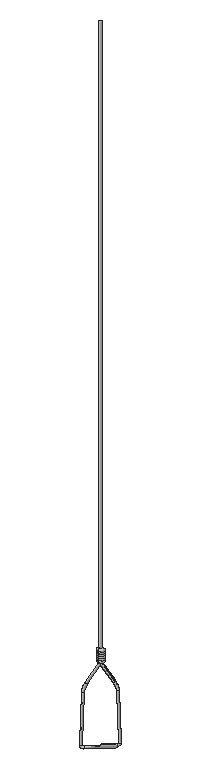
Revit family "Wire-HunterDouglas-Hook-On", category Specialty Equipment, Revit 2013
Parameters (values of type "Parametric")
  ecoScorecard_data = "http://products.ecoscorecard.com/hunterdouglascontract/PTHO"
  ecoScorecard Product Page = "http://hunterdouglascontract.ecoscorecard.com/product/PTHO?base_search=product_category_A1035"
  Wire = Metal - Aluminum Frame - HunterDouglas - Painted White
  URL = "http://www.hunterdouglascontract.com/ceilings/index.jsp"
  Subcategory = "Metal - Plank and Tile"  # constant formula
  Product Line = "Hook-On"  # constant formula
  Perforations = "http://www.hunterdouglascontract.com/ceilings/metalsystems/plank/hookon/index.jsp?t=perfPage"
  Model = "Hook-On Wire"  # constant formula
  Manufacturer = "Hunter Douglas Luxalon Metal Ceilings"  # constant formula
  Hanger Wire Length = 2' - 0"
  Description = "Wire"  # constant formula
  Color Finishes = "http://www.hunterdouglascontract.com/ceilings/metalsystems/plank/hookon/index.jsp?t=colorPage"
  Assembly Code = "C3030200"
  95 CSI = "09510"  # constant formula
  04 CSI = "09 51 00"  # constant formula
Reference planes
  plane 1 "Center (Front/Back)": y = 0
  plane 2: z = 0
  plane 3 "Center (Left/Right)": x = 0
  plane 4: x = -19.621
  plane 5: x = 19.621
  plane 6: z = 63.5
  plane 7: z = 65.088
  plane 8: z = 609.6
Dimensions and locks
  equal spacing: plane 4, plane 3 "Center (Left/Right)", plane 5
  plane 4 to plane 5 = 0' - 1.54495"
  locked: plane 6 to plane 7 at 1.588
  plane 6 to level = 0' - 2 1/2"
  "Hanger Wire Length": plane 8 to level
  aligned and locked: level to plane 2
  aligned and locked: plane 3 "Center (Left/Right)" to nested 1
  aligned and locked: plane 1 "Center (Front/Back)" to nested 1
  aligned and locked: plane 6 to nested 1
Nested families
  nested 1: "Wire" at (0, 0, 0), type "Wire"
Definition of nested family "Wire"
  Parameters (values of type "Wire")
    URL = "http://www.hunterdouglascontract.com/ceilings/index.jsp"
    Subcategory = "Metal - Plank and Tile"  # constant formula
    Product Line = "Hook-On"  # constant formula
    Model = "Hook-On Wire"  # constant formula
    Material = Metal - Aluminum Frame - HunterDouglas - Painted White
    Manufacturer = "Hunter Douglas Luxalon Metal Ceilings"  # constant formula
    HangerWire Length = 2' - 0"
    Description = "Wire"  # constant formula
    Assembly Code = "C3030200"
    95 CSI = "09510"  # constant formula
    04 CSI = "09 51 00"  # constant formula
  Reference planes
    plane 1 "Center (Front/Back)": y = 0
    plane 2: z = 0
    plane 3 "Center (Left/Right)": x = 0
    plane 4: x = -19.621
    plane 5: x = 19.621
    plane 6: z = 63.5
    plane 7: z = 65.088
    plane 8: z = 609.6
  Forms (mm)
    Sweep 1, solid, material "Metal - Aluminum Frame - HunterDouglas - Painted White" <- "Material", detail levels fine
      path origin (0, 0, 0) x (0.707107, 0.707107, 0) y (0, 0, 1)
        loop
          line (0.794, 609.6) -> (0.794, 127.519) -> (9.712, 113.128)
          arc (9.712, 113.128) -> (11.287, 109.95) -> (12.234, 106.532) r 18.739
          line (12.234, 106.532) -> (13.655, 66.776)
          arc (13.655, 66.776) -> (13.046, 64.497) -> (10.909, 63.5) r 2.789
          line (10.909, 63.5) -> (-10.916, 63.5)
          arc (-10.916, 63.5) -> (-13.049, 64.495) -> (-13.656, 66.769) r 2.783
          line (-13.656, 66.769) -> (-12.254, 106.417)
          arc (-12.254, 106.417) -> (-11.276, 109.946) -> (-9.651, 113.227) r 19.345
          line (-9.651, 113.227) -> (-0.975, 127.226)
      profile origin (-0.002, -0.002, 63.5) x (0, 0, -1) y (0.707107, -0.707107, 0)
        loop
          circle (-0.794, 0) r 0.794
    Revolve 2, solid, material "Metal - Aluminum Frame - HunterDouglas - Painted White" <- "Material", detail levels fine
      sketch origin (0.179, -28.076, 36.168) x (0, 0.947216, -0.320596) y (0, 0.320596, 0.947216)
        loop
          line (-5.57, 105.383) -> (-7.367, 105.383)
          arc (-7.367, 105.383) -> (-8.16, 104.589) -> (-7.367, 103.796) r 0.794
          line (-7.367, 103.796) -> (-5.57, 103.796) -> (-5.57, 105.383)
        axis (-5.57, 103.796) -> (-5.57, 105.383)
      angle from 0 to 360
    Revolve 3, solid, material "Metal - Aluminum Frame - HunterDouglas - Painted White" <- "Material", detail levels fine
      sketch origin (0.179, -28.076, 32.816) x (0, 0.947216, -0.320596) y (0, 0.320596, 0.947216)
        loop
          line (-5.57, 105.383) -> (-7.367, 105.383)
          arc (-7.367, 105.383) -> (-8.16, 104.589) -> (-7.367, 103.796) r 0.794
          line (-7.367, 103.796) -> (-5.57, 103.796) -> (-5.57, 105.383)
        axis (-5.57, 103.796) -> (-5.57, 105.383)
      angle from 0 to 360
    Revolve 4, solid, material "Metal - Aluminum Frame - HunterDouglas - Painted White" <- "Material", detail levels fine
      sketch origin (0.179, -28.076, 34.523) x (0, 0.947216, -0.320596) y (0, 0.320596, 0.947216)
        loop
          line (-5.57, 105.383) -> (-7.367, 105.383)
          arc (-7.367, 105.383) -> (-8.16, 104.589) -> (-7.367, 103.796) r 0.794
          line (-7.367, 103.796) -> (-5.57, 103.796) -> (-5.57, 105.383)
        axis (-5.57, 103.796) -> (-5.57, 105.383)
      angle from 0 to 360
    Revolve 5, solid, material "Metal - Aluminum Frame - HunterDouglas - Painted White" <- "Material", detail levels fine
      sketch origin (0.179, -28.076, 31.151) x (0, 0.947216, -0.320596) y (0, 0.320596, 0.947216)
        loop
          line (-5.57, 105.383) -> (-7.367, 105.383)
          arc (-7.367, 105.383) -> (-8.16, 104.589) -> (-7.367, 103.796) r 0.794
          line (-7.367, 103.796) -> (-5.57, 103.796) -> (-5.57, 105.383)
        axis (-5.57, 103.796) -> (-5.57, 105.383)
      angle from 0 to 360
    Revolve 6, solid, material "Metal - Aluminum Frame - HunterDouglas - Painted White" <- "Material", detail levels fine
      sketch origin (0.179, -28.076, 29.486) x (0, 0.947216, -0.320596) y (0, 0.320596, 0.947216)
        loop
          line (-5.57, 105.383) -> (-7.367, 105.383)
          arc (-7.367, 105.383) -> (-8.16, 104.589) -> (-7.367, 103.796) r 0.794
          line (-7.367, 103.796) -> (-5.57, 103.796) -> (-5.57, 105.383)
        axis (-5.57, 103.796) -> (-5.57, 105.383)
      angle from 0 to 360
    Revolve 7, solid, material "Metal - Aluminum Frame - HunterDouglas - Painted White" <- "Material", detail levels fine
      sketch origin (0.179, -28.076, 27.722) x (0, 0.947216, -0.320596) y (0, 0.320596, 0.947216)
        loop
          line (-5.57, 105.383) -> (-7.367, 105.383)
          arc (-7.367, 105.383) -> (-8.16, 104.589) -> (-7.367, 103.796) r 0.794
          line (-7.367, 103.796) -> (-5.57, 103.796) -> (-5.57, 105.383)
        axis (-5.57, 103.796) -> (-5.57, 105.383)
      angle from 0 to 360
  Lines and regions (mm)
    model lines, style "Wire", detail levels coarse+medium
      curve 1: line (0, 0, 604.044) -> (0, 0, 65.088)
    symbolic lines, style "Wire", detail levels fine
      curve 2: line (-9.704, -8.581, 0) -> (-2.104, -0.981, 0)
      curve 3: line (9.704, 8.581, 0) -> (2.455, 1.332, 0)
      curve 4: arc (8.581, 9.704, 0) -> (9.704, 9.704, 0) -> (9.704, 8.581, 0) r 0.794
      curve 5: arc (-9.704, -8.581, 0) -> (-9.704, -9.704, 0) -> (-8.581, -9.704, 0) r 0.794
      curve 6: circle (0.175, 0.175, 0) r 2.556 normal (0, 0, 1)
      curve 7: circle (0, 0, 0) r 0.794 normal (0, 0, 1)
      curve 8: line (1.332, 2.454, 0) -> (8.581, 9.704, 0)
      curve 9: line (-0.981, -2.104, 0) -> (-8.581, -9.704, 0)
      curve 14: line (-0.793, 0, 609.6) -> (0.793, 0, 609.6)
      curve 15: line (0.793, 0, 609.6) -> (0.793, 0, 138.405)
      curve 16: line (-10.107, 0, 66.887) -> (-8.613, 0, 106.23)
      curve 17: arc (-10.107, 0, 66.887) -> (-9.618, 0, 64.679) -> (-7.69, 0, 63.5) r 2.889
      curve 18: line (-8.546, 0, 66.596) -> (-7.026, 0, 106.178)
      curve 19: arc (-8.546, 0, 66.596) -> (-8.326, 0, 65.602) -> (-7.457, 0, 65.07) r 1.301
      curve 20: line (0.793, 0, 609.6) -> (-0.793, 0, 609.6)
      curve 21: line (-0.793, 0, 609.6) -> (-0.793, 0, 138.344)
      curve 22: line (-7.457, 0, 65.07) -> (0, 0, 65.07)
      curve 23: line (0, 0, 63.5) -> (-7.69, 0, 63.5)
      curve 24: line (10.107, 0, 66.887) -> (8.613, 0, 106.23)
      curve 25: arc (10.107, 0, 66.887) -> (9.618, 0, 64.679) -> (7.69, 0, 63.5) r 2.889
      curve 26: line (8.546, 0, 66.596) -> (7.026, 0, 106.178)
      curve 27: arc (8.546, 0, 66.596) -> (8.326, 0, 65.602) -> (7.457, 0, 65.07) r 1.301
      curve 28: line (7.457, 0, 65.07) -> (0, 0, 65.07)
      curve 29: line (0, 0, 63.5) -> (7.69, 0, 63.5)
      curve 30: line (0, 0.793, 95.274) -> (0, 6.87, 81.865)
      curve 31: line (0, 10.107, 66.887) -> (0, 8.581, 75.081)
      curve 32: arc (0, 8.581, 75.081) -> (0, 8.029, 78.55) -> (0, 6.87, 81.865) r 19.701
      curve 33: arc (0, 10.107, 66.887) -> (0, 9.618, 64.679) -> (0, 7.69, 63.5) r 2.889
      curve 34: line (0, -0.225, 93.674) -> (0, 5.424, 81.209)
      curve 35: arc (0, 7.003, 74.883) -> (0, 6.501, 78.118) -> (0, 5.424, 81.209) r 18.113
      curve 36: line (0, 8.546, 66.596) -> (0, 7.003, 74.883)
      curve 37: arc (0, 8.546, 66.596) -> (0, 8.326, 65.602) -> (0, 7.457, 65.07) r 1.301
      curve 38: line (0, 7.457, 65.07) -> (0, 0, 65.07)
      curve 39: line (0, 0, 63.5) -> (0, 7.69, 63.5)
      curve 40: line (0, -0.793, 95.274) -> (0, -6.87, 81.865)
      curve 41: line (0, -10.107, 66.887) -> (0, -8.581, 75.081)
      curve 42: arc (0, -8.581, 75.081) -> (0, -8.029, 78.55) -> (0, -6.87, 81.865) r 19.701
      curve 43: arc (0, -10.107, 66.887) -> (0, -9.618, 64.679) -> (0, -7.69, 63.5) r 2.889
      curve 44: line (0, 0.225, 93.674) -> (0, -5.424, 81.209)
      curve 45: arc (0, -7.003, 74.883) -> (0, -6.501, 78.118) -> (0, -5.424, 81.209) r 18.113
      curve 46: line (0, -8.546, 66.596) -> (0, -7.003, 74.883)
      curve 47: arc (0, -8.546, 66.596) -> (0, -8.326, 65.602) -> (0, -7.457, 65.07) r 1.301
      curve 48: line (0, -7.457, 65.07) -> (0, 0, 65.07)
      curve 49: line (0, 0, 63.5) -> (0, -7.69, 63.5)
      curve 50: line (0, -0.793, 96.393) -> (0, -0.793, 95.274)
      curve 51: line (0, -1.19, 106.616) -> (0, 2.232, 105.438)
      curve 52: line (0, -1.914, 105.183) -> (0, 1.714, 103.934)
      curve 53: arc (0, 2.232, 105.438) -> (0, 2.725, 104.427) -> (0, 1.714, 103.934) r 0.795
      curve 54: arc (0, -1.19, 106.616) -> (0, -2.176, 106.216) -> (0, -1.914, 105.183) r 0.81
      curve 55: arc (0, 2.232, 103.756) -> (0, 2.739, 102.79) -> (0, 1.806, 102.226) r 0.795
      curve 56: arc (0, -1.19, 104.934) -> (0, -2.172, 104.543) -> (0, -1.931, 103.513) r 0.81
      curve 57: line (0, -1.931, 103.513) -> (0, 1.806, 102.226)
      curve 58: arc (0, 2.232, 102.074) -> (0, 2.739, 101.108) -> (0, 1.806, 100.544) r 0.795
      curve 59: arc (0, -1.19, 103.252) -> (0, -2.172, 102.861) -> (0, -1.931, 101.831) r 0.81
      curve 60: line (0, -1.931, 101.831) -> (0, 1.806, 100.544)
      curve 61: arc (0, 2.232, 100.392) -> (0, 2.739, 99.426) -> (0, 1.806, 98.862) r 0.795
      curve 62: arc (0, -1.19, 101.57) -> (0, -2.172, 101.179) -> (0, -1.931, 100.149) r 0.81
      curve 63: line (0, -1.931, 100.149) -> (0, 1.806, 98.862)
      curve 64: arc (0, 2.232, 98.71) -> (0, 2.739, 97.744) -> (0, 1.806, 97.181) r 0.795
      curve 65: arc (0, -1.19, 99.888) -> (0, -2.172, 99.497) -> (0, -1.931, 98.467) r 0.81
      curve 66: line (0, -1.931, 98.467) -> (0, 1.806, 97.181)
      curve 67: arc (0, 2.232, 97.028) -> (0, 2.739, 96.062) -> (0, 1.806, 95.499) r 0.795
      curve 68: arc (0, -1.19, 98.206) -> (0, -2.172, 97.815) -> (0, -1.931, 96.785) r 0.81
      curve 69: line (0, -1.931, 96.785) -> (0, 1.806, 95.499)
      curve 70: line (0, -0.793, 96.393) -> (0, -0.793, 95.274)
      curve 71: spline (0, 0.793, 95.317) -> (0, 0.748, 95.33) -> (0, 0.659, 95.356) -> (0, 0.531, 95.392) -> (0, 0.372, 95.438) -> (0, 0.192, 95.489) -> (0, 0, 95.544) -> (0, -0.192, 95.598) -> (0, -0.372, 95.65) -> (0, -0.531, 95.695) -> (0, -0.659, 95.731) -> (0, -0.748, 95.756) -> (0, -0.793, 95.769)
      curve 72: line (0, 0.793, 95.847) -> (0, 0.793, 95.274)
      curve 73: line (-0.762, 0, 127.093) -> (-6.87, 0, 113.615)
      curve 74: arc (-8.613, 0, 106.23) -> (-8.1, 0, 110.007) -> (-6.87, 0, 113.615) r 19.701
      curve 75: line (0.225, 0, 125.424) -> (-0.762, 0, 127.093)
      curve 76: spline (-0.798, 0, 127.066) -> (-0.771, 0, 127.074) -> (-0.692, 0, 127.097) -> (-0.566, 0, 127.133) -> (-0.401, 0, 127.18) -> (-0.209, 0, 127.235) -> (-0.003, 0, 127.294) -> (0.203, 0, 127.352) -> (0.395, 0, 127.407) -> (0.56, 0, 127.454) -> (0.686, 0, 127.49) -> (0.766, 0, 127.512) -> (0.793, 0, 127.519)
      curve 77: line (0.225, 0, 125.424) -> (-5.424, 0, 112.959)
      curve 78: arc (-7.026, 0, 106.178) -> (-6.554, 0, 109.646) -> (-5.424, 0, 112.959) r 18.113
      curve 79: line (-0.793, 0, 128.142) -> (-0.793, 0, 127.024)
      curve 80: line (0.793, 0, 127.024) -> (6.87, 0, 113.615)
      curve 81: arc (8.613, 0, 106.23) -> (8.1, 0, 110.007) -> (6.87, 0, 113.615) r 19.701
      curve 82: spline (0.798, 0, 127.066) -> (0.771, 0, 127.074) -> (0.692, 0, 127.097) -> (0.566, 0, 127.133) -> (0.401, 0, 127.18) -> (0.209, 0, 127.235) -> (0.003, 0, 127.294) -> (-0.203, 0, 127.352) -> (-0.395, 0, 127.407) -> (-0.56, 0, 127.454) -> (-0.686, 0, 127.49) -> (-0.766, 0, 127.512) -> (-0.793, 0, 127.519)
      curve 83: arc (7.026, 0, 106.178) -> (6.554, 0, 109.646) -> (5.424, 0, 112.959) r 18.113
      curve 84: line (0.793, 0, 128.142) -> (0.793, 0, 127.024)
      curve 111: line (-0.225, 0, 125.424) -> (5.424, 0, 112.959)
    symbolic lines, style "Wire"
      curve 10: line (0, 0.794, 609.6) -> (0, -0.794, 609.6)
      curve 11: line (0, -0.794, 609.6) -> (0, -0.794, 104.499)
      curve 12: arc (0, 0.794, 104.499) -> (0, 0, 104.258) -> (0, -0.794, 104.499) r 1.428
      curve 13: line (0, 0.794, 104.499) -> (0, 0.794, 609.6)
      curve 85: arc (-1.981, 0, 129.446) -> (-2.408, 0, 130.328) -> (-1.895, 0, 131.162) r 1.019
      curve 86: arc (-1.895, 0, 131.162) -> (-0.896, 0, 131.562) -> (0.174, 0, 131.678) r 3.954
      curve 87: arc (2.33, 0, 129.446) -> (2.757, 0, 130.328) -> (2.243, 0, 131.162) r 1.019
      curve 88: arc (2.243, 0, 131.162) -> (1.244, 0, 131.562) -> (0.174, 0, 131.678) r 3.954
      curve 89: arc (-1.901, 0, 131.158) -> (-2.41, 0, 132.044) -> (-1.895, 0, 132.926) r 1.019
      curve 90: arc (-1.895, 0, 132.926) -> (-0.896, 0, 133.326) -> (0.174, 0, 133.442) r 3.954
      curve 91: arc (2.249, 0, 131.158) -> (2.758, 0, 132.044) -> (2.243, 0, 132.926) r 1.019
      curve 92: arc (2.243, 0, 132.926) -> (1.244, 0, 133.326) -> (0.174, 0, 133.442) r 3.954
      curve 93: arc (-1.978, 0, 132.873) -> (-2.408, 0, 133.755) -> (-1.895, 0, 134.591) r 1.019
      curve 94: arc (-1.895, 0, 134.591) -> (-0.896, 0, 134.991) -> (0.174, 0, 135.107) r 3.954
      curve 95: arc (2.327, 0, 132.873) -> (2.757, 0, 133.755) -> (2.243, 0, 134.591) r 1.019
      curve 96: arc (2.243, 0, 134.591) -> (1.244, 0, 134.991) -> (0.174, 0, 135.107) r 3.954
      curve 97: arc (-1.978, 0, 134.538) -> (-2.408, 0, 135.42) -> (-1.895, 0, 136.256) r 1.019
      curve 98: arc (-1.895, 0, 136.256) -> (-0.896, 0, 136.656) -> (0.174, 0, 136.771) r 3.954
      curve 99: arc (2.327, 0, 134.538) -> (2.757, 0, 135.42) -> (2.243, 0, 136.256) r 1.019
      curve 100: arc (2.243, 0, 136.256) -> (1.244, 0, 136.656) -> (0.174, 0, 136.771) r 3.954
      curve 101: arc (-1.978, 0, 136.202) -> (-2.408, 0, 137.084) -> (-1.895, 0, 137.92) r 1.019
      curve 102: arc (-1.895, 0, 137.92) -> (-0.896, 0, 138.32) -> (0.174, 0, 138.436) r 3.954
      curve 103: arc (2.327, 0, 136.202) -> (2.757, 0, 137.084) -> (2.243, 0, 137.92) r 1.019
      curve 104: arc (2.243, 0, 137.92) -> (1.244, 0, 138.32) -> (0.174, 0, 138.436) r 3.954
      curve 105: arc (-1.978, 0, 127.779) -> (-2.408, 0, 128.661) -> (-1.895, 0, 129.497) r 1.019
      curve 106: arc (-1.981, 0, 129.446) -> (-0.944, 0, 129.885) -> (0.174, 0, 130.013) r 3.954
      curve 107: arc (2.327, 0, 127.779) -> (2.757, 0, 128.661) -> (2.243, 0, 129.497) r 1.019
      curve 108: arc (2.33, 0, 129.446) -> (1.293, 0, 129.885) -> (0.174, 0, 130.013) r 3.954
      curve 109: arc (-1.978, 0, 127.779) -> (-1.332, 0, 127.44) -> (-0.62, 0, 127.285) r 2.723
      curve 110: arc (2.327, 0, 127.779) -> (1.681, 0, 127.44) -> (0.968, 0, 127.285) r 2.723
  Dimensions and locks
    equal spacing: plane 4, plane 3 "Center (Left/Right)", plane 5
    plane 4 to plane 5 = 0' - 1.54495"
    locked: plane 6 to plane 7 at 1.588
    plane 6 to level = 0' - 2 1/2"
    "HangerWire Length": plane 8 to level
    aligned and locked: level to plane 2
    aligned and locked: Sweep 1 sketch curve to plane 6
    aligned and locked: curve 1 to plane 3 "Center (Left/Right)"
    aligned and locked: plane 7 to curve 1
    aligned and locked: plane 8 to curve 20
    aligned and locked: plane 8 to Sweep 1 sketch curve
    aligned and locked: curve 10 to plane 8
  Automatic sketch dimensions
    curve 12 to plane 1 "Center (Front/Back)" = 0' - 0"
    plane 1 "Center (Front/Back)" to curve 12 = 0' - 0 1/32"
    curve 12 to plane 1 "Center (Front/Back)" = 0' - 0 1/32"
    plane 7 to curve 12 = 0' - 1.59837"
    curve 12 to curve 12 = 0' - 0.04672"
    plane 1 "Center (Front/Back)" to curve 7 = 0' - 0"
    curve 7 to plane 3 "Center (Left/Right)" = 0' - 0"
    curve 9 to plane 3 "Center (Left/Right)" = 0' - 0.03862"
    plane 1 "Center (Front/Back)" to curve 2 = 0' - 0.03863"
    curve 2 to curve 9 = 0' - 0.0442"
    curve 5 to plane 3 "Center (Left/Right)" = 0' - 0.33784"
    curve 5 to curve 9 = 0' - 0.0221"
    curve 5 to curve 5 = 0' - 0.0221"
    plane 3 "Center (Left/Right)" to curve 6 = 0' - 0.00691"
    plane 3 "Center (Left/Right)" to curve 8 = 0' - 0.05244"
    curve 8 to curve 3 = 0' - 0.0442"
    plane 3 "Center (Left/Right)" to curve 4 = 0' - 0.33784"
    curve 4 to curve 4 = 0' - 0.0221"
    curve 4 to curve 3 = 0' - 0.0221"
    curve 9 to curve 2 = 0' - 0.0442"
    plane 1 "Center (Front/Back)" to curve 2 = 0' - 0.33784"
    curve 5 to curve 2 = 0' - 0.0221"
    curve 4 to plane 1 "Center (Front/Back)" = 0' - 0.33784"
    curve 3 to curve 4 = 0' - 0.0221"
    plane 7 to Sweep 1 sketch curve = 0' - 0.06622"
    plane 7 to Sweep 1 sketch curve = 0' - 1.62715"
    Sweep 1 sketch curve to Sweep 1 sketch curve = 0' - 0.05519"
    Sweep 1 sketch curve to Sweep 1 sketch curve = 0' - 0.10788"
    Sweep 1 sketch curve to Sweep 1 sketch curve = 0' - 0.10251"
    Sweep 1 sketch curve to Sweep 1 sketch curve = 0' - 0.2377"
    plane 7 to Sweep 1 sketch curve = 0' - 2.44638"
    Sweep 1 sketch curve to Sweep 1 sketch curve = 0' - 0.34154"
    plane 7 to Sweep 1 sketch curve = 0' - 2.45793"
    Sweep 1 sketch curve to Sweep 1 sketch curve = 0' - 0.06965"
    Sweep 1 sketch curve to Sweep 1 sketch curve = 0' - 0.51221"
    plane 7 to Sweep 1 sketch curve = 0' - 1.89135"
    Sweep 1 sketch curve to Sweep 1 sketch curve = 0' - 0.1149"
    Sweep 1 sketch curve to Sweep 1 sketch curve = 0' - 0.85925"
    plane 7 to Sweep 1 sketch curve = 0' - 1.63166"
    Sweep 1 sketch curve to Sweep 1 sketch curve = 0' - 0.21421"
    plane 7 to Sweep 1 sketch curve = 0' - 0.06649"
    Sweep 1 sketch curve to Sweep 1 sketch curve = 0' - 0.10811"
    Sweep 1 sketch curve to Sweep 1 sketch curve = 0' - 0.13761"
    Sweep 1 sketch curve to profile plane = 0' - 0"
    profile plane to Sweep 1 sketch curve = 0' - 0 1/32"
    curve 1 to plane 8 = 0' - 0 7/32"
    curve 32 to curve 35 = 0' - 0"  (x2)
    curve 33 to curve 37 = 0' - 0"  (x2)
    curve 42 to curve 45 = 0' - 0"  (x2)
    curve 43 to curve 47 = 0' - 0"  (x2)
    plane 6 to curve 33 = 0' - 0"
    curve 48 to plane 1 "Center (Front/Back)" = 0' - 0"
    curve 39 to plane 1 "Center (Front/Back)" = 0' - 0"
    curve 44 to plane 1 "Center (Front/Back)" = 0' - 0.00884"
    curve 72 to plane 1 "Center (Front/Back)" = 0' - 0.03122"
    curve 71 to curve 30 = 0' - 0"
    curve 71 to curve 71 = 0' - 0.00021"
    curve 52 to plane 1 "Center (Front/Back)" = 0' - 0.06749"
    curve 60 to plane 1 "Center (Front/Back)" = 0' - 0.0711"
    curve 55 to curve 58 = 0' - 0"
    curve 66 to curve 72 = 0' - 0.03988"
    curve 69 to curve 71 = 0' - 0.03967"
    curve 63 to curve 64 = 0' - 0"
    curve 61 to curve 61 = 0' - 0.00658"
    curve 55 to curve 57 = 0' - 0.00658"
    curve 64 to curve 64 = 0' - 0.00658"
    curve 67 to curve 69 = 0' - 0.00658"
    curve 58 to curve 58 = 0' - 0.00658"
    curve 53 to curve 52 = 0' - 0.01019"
    curve 67 to curve 64 = 0' - 0.01678"
    curve 64 to curve 63 = 0' - 0.01678"
    curve 51 to curve 53 = 0' - 0.01019"
    curve 58 to curve 57 = 0' - 0.01678"
    curve 55 to curve 52 = 0' - 0.02038"
    curve 61 to curve 58 = 0' - 0.01678"
    curve 35 to plane 1 "Center (Front/Back)" = 0' - 0.21356"
    curve 32 to curve 35 = 0' - 0.05693"
    curve 35 to curve 34 = 0' - 0.06215"
    plane 7 to curve 33 = 0' - 0.05001"
    curve 33 to plane 1 "Center (Front/Back)" = 0' - 0.2861"
    curve 37 to plane 7 = 0' - 0.00067"
    curve 37 to curve 33 = 0' - 0.0075"
    curve 39 to curve 38 = 0' - 0.00915"
    plane 7 to curve 36 = 0' - 0.05939"
    curve 31 to curve 35 = 0' - 0.06212"
    curve 33 to curve 36 = 0' - 0.06144"
    curve 42 to curve 32 = 0' - 0.09814"
    plane 1 "Center (Front/Back)" to curve 71 = 0' - 0"
    plane 1 "Center (Front/Back)" to curve 34 = 0' - 0.00884"
    plane 1 "Center (Front/Back)" to curve 70 = 0' - 0.03122"
    plane 1 "Center (Front/Back)" to curve 51 = 0' - 0.04684"
    plane 1 "Center (Front/Back)" to curve 56 = 0' - 0.04684"
    plane 1 "Center (Front/Back)" to curve 59 = 0' - 0.04684"
    plane 1 "Center (Front/Back)" to curve 68 = 0' - 0.04684"
    plane 1 "Center (Front/Back)" to curve 65 = 0' - 0.04684"
    plane 1 "Center (Front/Back)" to curve 62 = 0' - 0.04684"
    curve 59 to curve 59 = 0' - 0.01039"
    curve 54 to curve 54 = 0' - 0.01039"
    curve 68 to curve 68 = 0' - 0.01039"
    curve 56 to curve 56 = 0' - 0.01039"
    curve 65 to curve 65 = 0' - 0.01039"
    curve 62 to curve 62 = 0' - 0.01039"
    curve 56 to curve 54 = 0' - 0.02853"
    curve 62 to curve 60 = 0' - 0.02918"
    curve 59 to curve 56 = 0' - 0.02918"
    curve 68 to curve 68 = 0' - 0.01879"
    curve 65 to curve 62 = 0' - 0.02918"
    curve 68 to curve 66 = 0' - 0.02918"
    plane 1 "Center (Front/Back)" to curve 44 = 0' - 0.21356"
    curve 45 to curve 42 = 0' - 0.05693"
    curve 45 to curve 45 = 0' - 0.06215"
    plane 7 to curve 47 = 0' - 0.05001"
    plane 1 "Center (Front/Back)" to curve 47 = 0' - 0.2861"
    curve 43 to curve 47 = 0' - 0.0075"
    curve 47 to curve 49 = 0' - 0.00915"
    curve 43 to curve 47 = 0' - 0.05037"
    curve 45 to curve 42 = 0' - 0.06212"
    plane 7 to curve 41 = 0' - 0.07083"
    curve 41 to curve 32 = 0' - 0.09814"
    curve 41 to curve 32 = 0' - 0 69/256"
    curve 31 to curve 42 = 0' - 0 69/256"
    curve 32 to curve 46 = 0' - 0.04529"
    curve 42 to curve 36 = 0' - 0.04529"
    curve 45 to curve 41 = 0' - 0 1/128"
    curve 35 to curve 31 = 0' - 0 1/128"
    curve 44 to curve 34 = 0' - 0.49072"
    curve 44 to curve 34 = 0' - 0"
    curve 34 to curve 40 = 0' - 0.06301"
    curve 30 to curve 40 = 0' - 0"
    curve 30 to curve 71 = 0' - 0.00163"
    curve 71 to curve 71 = 0' - 0.00006"
    curve 71 to curve 67 = 0' - 0.00721"
    curve 71 to curve 72 = 0' - 0.02087"
    curve 69 to curve 67 = 0' - 0.03061"
    curve 67 to curve 66 = 0' - 0.00601"
    curve 68 to curve 68 = 0' - 0.02577"
    curve 64 to curve 64 = 0' - 0.03061"
    curve 68 to curve 66 = 0' - 0.01028"
    curve 64 to curve 61 = 0' - 0.00601"
    curve 65 to curve 65 = 0' - 0.02577"
    curve 61 to curve 61 = 0' - 0.03061"
    curve 65 to curve 62 = 0' - 0.01028"
    curve 61 to curve 60 = 0' - 0.00601"
    curve 62 to curve 62 = 0' - 0.02577"
    curve 58 to curve 58 = 0' - 0.03061"
    curve 62 to curve 59 = 0' - 0.01028"
    curve 58 to curve 55 = 0' - 0.00601"
    curve 60 to curve 59 = 0' - 0.02577"
    curve 57 to curve 55 = 0' - 0.03061"
    curve 59 to curve 56 = 0' - 0.01028"
    curve 55 to curve 53 = 0' - 0.00702"
    curve 57 to curve 56 = 0' - 0.02577"
    curve 53 to curve 53 = 0' - 0.0296"
    curve 52 to curve 54 = 0' - 0.02623"
    curve 106 to plane 3 "Center (Left/Right)" = 0' - 0.07801"
    curve 85 to curve 105 = 0' - 0.00013"
    curve 101 to plane 3 "Center (Left/Right)" = 0' - 0.07788"
    curve 93 to plane 3 "Center (Left/Right)" = 0' - 0.07788"
    curve 101 to curve 97 = 0' - 0"  (x2)
    curve 106 to curve 89 = 0' - 0.00318"
    curve 97 to curve 94 = 0' - 0.0033"
    curve 93 to curve 94 = 0' - 0"
    curve 101 to curve 97 = 0' - 0.0033"
    curve 98 to curve 97 = 0' - 0"
    curve 93 to curve 90 = 0' - 0.0033"
    curve 89 to curve 90 = 0' - 0"
    curve 106 to curve 105 = 0' - 0.00342"
    curve 89 to curve 86 = 0' - 0.00025"
    curve 85 to curve 86 = 0' - 0"
    curve 102 to curve 101 = 0' - 0"
    curve 109 to curve 105 = 0' - 0.02313"
    curve 105 to curve 85 = 0' - 0.01984"
    curve 86 to curve 89 = 0' - 0.01984"
    curve 89 to curve 93 = 0' - 0.01984"
    curve 93 to curve 97 = 0' - 0.01984"
    curve 97 to curve 101 = 0' - 0.01984"
    curve 109 to plane 3 "Center (Left/Right)" = 0' - 0.02439"
    curve 109 to plane 3 "Center (Left/Right)" = 0' - 0.01579"
    plane 3 "Center (Left/Right)" to curve 94 = 0' - 0.00241"
    plane 3 "Center (Left/Right)" to curve 98 = 0' - 0.00241"
    plane 3 "Center (Left/Right)" to curve 86 = 0' - 0.00241"
    plane 3 "Center (Left/Right)" to curve 106 = 0' - 0.00241"
    plane 3 "Center (Left/Right)" to curve 90 = 0' - 0.00241"
    plane 3 "Center (Left/Right)" to curve 102 = 0' - 0.00241"
    plane 3 "Center (Left/Right)" to curve 102 = 0' - 0.00686"
    plane 3 "Center (Left/Right)" to curve 100 = 0' - 0.00686"
    plane 3 "Center (Left/Right)" to curve 96 = 0' - 0.00686"
    plane 3 "Center (Left/Right)" to curve 106 = 0' - 0.00686"
    plane 3 "Center (Left/Right)" to curve 86 = 0' - 0.00686"
    plane 3 "Center (Left/Right)" to curve 92 = 0' - 0.00686"
    curve 98 to curve 100 = 0' - 0.00891"
    curve 106 to curve 108 = 0' - 0.00891"
    curve 86 to curve 88 = 0' - 0.00891"
    curve 102 to curve 104 = 0' - 0.00891"
    curve 90 to curve 92 = 0' - 0.00891"
    curve 94 to curve 96 = 0' - 0.00891"
    curve 106 to curve 110 = 0' - 0.02264"
    curve 88 to curve 110 = 0' - 0.0268"
    curve 100 to curve 103 = 0' - 0.06161"
    curve 90 to curve 95 = 0' - 0.06161"
    curve 110 to curve 87 = 0' - 0.03896"
    curve 110 to curve 107 = 0' - 0.03036"
    curve 96 to curve 99 = 0' - 0.06161"
    curve 86 to curve 91 = 0' - 0.06161"
    curve 87 to curve 107 = 0' - 0.01984"
    curve 95 to curve 92 = 0' - 0.01984"
    curve 99 to curve 96 = 0' - 0.01984"
    curve 103 to curve 99 = 0' - 0.01984"
    curve 91 to curve 92 = 0' - 0"
    curve 100 to curve 99 = 0' - 0"
    curve 91 to curve 88 = 0' - 0.01984"
    curve 95 to curve 96 = 0' - 0"
    curve 87 to curve 88 = 0' - 0"
    curve 103 to curve 103 = 0' - 0.01984"
    curve 104 to curve 103 = 0' - 0"
    curve 87 to curve 91 = 0' - 0.00025"
    curve 100 to curve 103 = 0' - 0.0033"
    curve 107 to curve 110 = 0' - 0.02313"
    curve 91 to curve 95 = 0' - 0.0033"
    curve 96 to curve 99 = 0' - 0.0033"
    curve 107 to curve 87 = 0' - 0.00342"
    curve 106 to curve 108 = 0' - 0"
    curve 106 to curve 109 = 0' - 0.04821"
    curve 108 to curve 110 = 0' - 0.04821"
    curve 109 to curve 86 = 0' - 0.01733"
    curve 110 to curve 110 = 0' - 0.01947"
    curve 109 to curve 105 = 0' - 0.01947"
    curve 107 to curve 107 = 0' - 0.03277"
    curve 105 to curve 105 = 0' - 0.03277"
    curve 85 to curve 105 = 0' - 0.00201"
    curve 92 to curve 106 = 0' - 0.02063"
    curve 90 to curve 92 = 0' - 0"
    curve 96 to curve 86 = 0' - 0.02063"
    curve 94 to curve 96 = 0' - 0"
    curve 89 to curve 85 = 0' - 0.00014"
    curve 100 to curve 92 = 0' - 0.02454"
    curve 98 to curve 100 = 0' - 0"
    curve 93 to curve 90 = 0' - 0.00209"
    curve 104 to curve 96 = 0' - 0.02454"
    curve 102 to curve 104 = 0' - 0"
    curve 97 to curve 94 = 0' - 0.00209"
    curve 103 to curve 100 = 0' - 0.00209"
    plane 1 "Center (Front/Back)" to Revolve 2 sketch curve = 0' - 0.06997"
    plane 7 to Revolve 2 sketch curve = 0' - 2.82516"
    Revolve 2 sketch curve to Revolve 2 sketch curve = 0' - 0.07074"
    Revolve 2 sketch curve to Revolve 2 sketch curve = 0' - 0"  (x2)
    Revolve 2 sketch curve to Revolve 2 sketch curve = 0' - 0 1/32"
    Revolve 2 sketch curve to Revolve 2 sketch curve = 0' - 0.02781"
    plane 1 "Center (Front/Back)" to Revolve 3 sketch curve = 0' - 0.06997"
    plane 7 to Revolve 3 sketch curve = 0' - 2.69319"
    Revolve 3 sketch curve to Revolve 3 sketch curve = 0' - 0.07074"
    Revolve 3 sketch curve to Revolve 3 sketch curve = 0' - 0"  (x2)
    Revolve 3 sketch curve to Revolve 3 sketch curve = 0' - 0 1/32"
    Revolve 3 sketch curve to Revolve 3 sketch curve = 0' - 0.02781"
    plane 1 "Center (Front/Back)" to Revolve 4 sketch curve = 0' - 0.06997"
    plane 7 to Revolve 4 sketch curve = 0' - 2.76039"
    Revolve 4 sketch curve to Revolve 4 sketch curve = 0' - 0.07074"
    Revolve 4 sketch curve to Revolve 4 sketch curve = 0' - 0"  (x2)
    Revolve 4 sketch curve to Revolve 4 sketch curve = 0' - 0 1/32"
    Revolve 4 sketch curve to Revolve 4 sketch curve = 0' - 0.02781"
    plane 1 "Center (Front/Back)" to Revolve 5 sketch curve = 0' - 0.06997"
    plane 7 to Revolve 5 sketch curve = 0' - 2.62765"
    Revolve 5 sketch curve to Revolve 5 sketch curve = 0' - 0.07074"
    Revolve 5 sketch curve to Revolve 5 sketch curve = 0' - 0"  (x2)
    Revolve 5 sketch curve to Revolve 5 sketch curve = 0' - 0 1/32"
    Revolve 5 sketch curve to Revolve 5 sketch curve = 0' - 0.02781"
    plane 1 "Center (Front/Back)" to Revolve 6 sketch curve = 0' - 0.06997"
    plane 7 to Revolve 6 sketch curve = 0' - 2.56211"
    Revolve 6 sketch curve to Revolve 6 sketch curve = 0' - 0.07074"
    Revolve 6 sketch curve to Revolve 6 sketch curve = 0' - 0"  (x2)
    Revolve 6 sketch curve to Revolve 6 sketch curve = 0' - 0 1/32"
    Revolve 6 sketch curve to Revolve 6 sketch curve = 0' - 0.02781"
    plane 1 "Center (Front/Back)" to Revolve 7 sketch curve = 0' - 0.06997"
    plane 7 to Revolve 7 sketch curve = 0' - 2.49266"
    Revolve 7 sketch curve to Revolve 7 sketch curve = 0' - 0.07074"
    Revolve 7 sketch curve to Revolve 7 sketch curve = 0' - 0"  (x2)
    Revolve 7 sketch curve to Revolve 7 sketch curve = 0' - 0 1/32"
    Revolve 7 sketch curve to Revolve 7 sketch curve = 0' - 0.02781"
    plane 7 to curve 106 = 0' - 2.4005"
    curve 17 to curve 19 = 0' - 0"  (x2)
    curve 25 to curve 27 = 0' - 0"  (x2)
    curve 74 to curve 78 = 0' - 0"  (x3)
    curve 81 to curve 83 = 0' - 0"  (x3)
    curve 23 to plane 6 = 0' - 0"
    curve 28 to plane 3 "Center (Left/Right)" = 0' - 0"
    curve 29 to plane 3 "Center (Left/Right)" = 0' - 0"
    curve 76 to plane 3 "Center (Left/Right)" = 0' - 0.00011"
    curve 111 to plane 3 "Center (Left/Right)" = 0' - 0.00884"
    curve 75 to plane 3 "Center (Left/Right)" = 0' - 0.02999"
    curve 14 to plane 3 "Center (Left/Right)" = 0' - 0.03122"
    curve 79 to curve 73 = 0' - 0.00123"
    curve 82 to curve 73 = 0' - 0.00123"
    curve 76 to curve 79 = 0' - 0.00021"
    curve 76 to curve 76 = 0' - 0"
    curve 77 to plane 3 "Center (Left/Right)" = 0' - 0.21356"
    curve 74 to curve 78 = 0' - 0.05693"
    curve 78 to curve 77 = 0' - 0.06306"
    plane 7 to curve 19 = 0' - 0.05001"
    curve 19 to plane 3 "Center (Left/Right)" = 0' - 0.2861"
    curve 22 to plane 7 = 0' - 0.00067"
    curve 22 to curve 17 = 0' - 0.0075"
    curve 17 to curve 19 = 0' - 0.00915"
    curve 19 to curve 17 = 0' - 0.05037"
    curve 74 to curve 18 = 0' - 0.06247"
    plane 7 to curve 16 = 0' - 0.07083"
    curve 81 to curve 16 = 0' - 0.09688"
    plane 3 "Center (Left/Right)" to curve 82 = 0' - 0.00011"
    plane 3 "Center (Left/Right)" to curve 77 = 0' - 0.00884"
    plane 3 "Center (Left/Right)" to curve 84 = 0' - 0.03122"
    plane 3 "Center (Left/Right)" to curve 15 = 0' - 0.03122"
    curve 76 to curve 80 = 0' - 0"
    curve 80 to curve 82 = 0' - 0.00021"
    curve 82 to curve 82 = 0' - 0"
    plane 3 "Center (Left/Right)" to curve 83 = 0' - 0.21356"
    curve 111 to curve 81 = 0' - 0.05693"
    curve 111 to curve 26 = 0' - 0.06306"
    plane 7 to curve 27 = 0' - 0.05001"
    plane 3 "Center (Left/Right)" to curve 27 = 0' - 0.2861"
    curve 25 to curve 27 = 0' - 0.0075"
    curve 28 to curve 29 = 0' - 0.00915"
    curve 25 to curve 27 = 0' - 0.05037"
    curve 26 to curve 24 = 0' - 0.06247"
    plane 7 to curve 24 = 0' - 0.07083"
    curve 24 to curve 74 = 0' - 0.09688"
    curve 81 to curve 18 = 0' - 0.02737"
    curve 74 to curve 83 = 0' - 0.02737"
    curve 18 to curve 74 = 0' - 0.00207"
    curve 26 to curve 24 = 0' - 0.00207"
    curve 83 to curve 75 = 0' - 0.49072"
    curve 111 to curve 75 = 0' - 0"
    curve 75 to curve 84 = 0' - 0.06301"
    curve 79 to curve 80 = 0' - 0"
    curve 79 to curve 76 = 0' - 0.00165"
    curve 80 to curve 82 = 0' - 0.00165"
    curve 73 to curve 82 = 0' - 0.01678"
    curve 82 to curve 76 = 0' - 0.01784"
    curve 76 to curve 84 = 0' - 0.02451"
    curve 82 to curve 79 = 0' - 0.02451"
    curve 79 to curve 21 = 0' - 0.40168"
    curve 21 to curve 15 = 0' - 0.0024"
    curve 24 to curve 74 = 0' - 1 133/256"
    curve 83 to curve 83 = 0' - 0.02737"
    radius of curve 7 = 0' - 0 1/32"
    radius of Sweep 1 sketch curve = 0' - 0 1/32"
